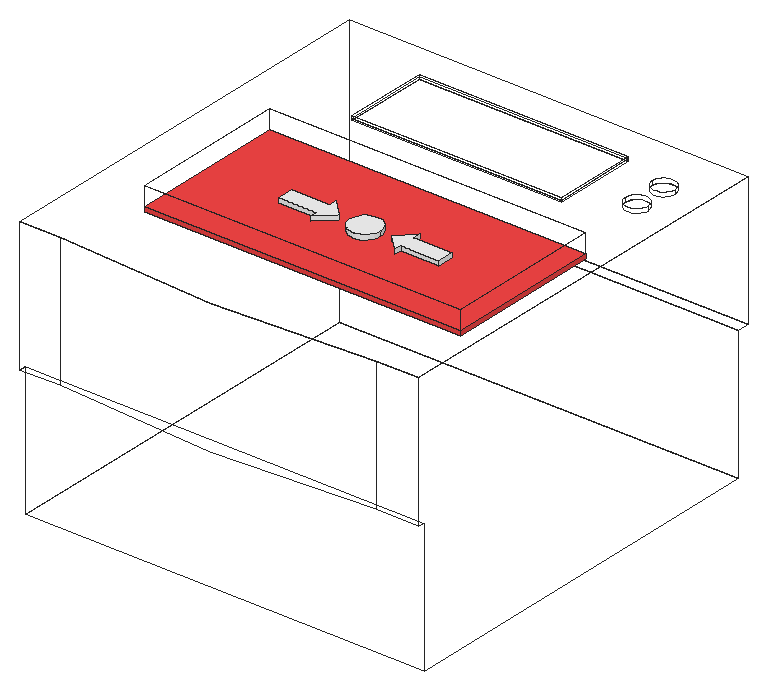
Revit family "Maxlogic söndürmeyi acil durdurma butonu", category Fire Alarm Devices, host Face, Revit 2021
Family settings
  Host = Face
  Maintain Annotation Orientation = Yes
  Round Connector Dimension = Use Diameter
  Part Type = Normal
  OmniClass Number = 23.85.30.21
  OmniClass Title = Environmental Detection/Registration
  Cut with Voids When Loaded = No
  Shared = No
  Room Calculation Point = No
Parameters (values of type "Maxlogic söndürmeyi acil durdurma butonu")
  Weight = "140 gr."
  Weatherproof surface mounting back box = ""
  Warranty Duration Unit = "Year"
  Warranty Duration Parts = "2"
  Warranty Duration Labor = "2"
  Version = ""
  URL = "https://www.mavili.com.tr/"
  Recessed mounting base = ""
  Public Works Pose Number = "833-265"
  Protective Cover = "ML-0710"
  Protection Sign = "IP22D"
  Product Code = "ML-2710.ES"
  Phone Number = "(+)90 216 466 45 05"
  Operatonal Voltage (default) = "24 V/DC"
  Operating voltage range = "10-30 V/DC"
  Operating temperature = "(-10°C) - (+55°C)"
  Nominal Depth = "58 mm"
  Nominal Width = "87 mm"
  Nominal Height = "91 mm"
  Mounting surface = "Duvara montaj"
  Mounting height = "Zeminden 1,4m yukarıda (+/-200mm)"
  Model = "MaxLogic"
  Manufacturer = "Mavili Elektronik Ticaret A.Ş."
  Installation Manual = "https://mavilielektronik.com/Revit/ML2710ES_kk.pdf"
  Indicator output = ""
  Fax Number = "(+)90 216 466 45 10"
  External supply = ""
  Email = "mavili@mavili.com.tr"
  Disclaimer = ""
  Device Adress Setup = ""
  Description = "Söndürmeyi acil durdurma butonu"
  Default Elevation = 0 mm
  Current consumption = ""
  Cost unıt = ""
  Cost = 0
  Compatible sockets = ""
  Color = "Mavi"
  Code Performance = "EN 12094-3"
  Main Material = "Blue Plastic ABS"
  Secondary Material = "Plastic"
  Address line 1 = "Şerifali Mahallesi Kutup Sokak No:27/1-2-4 Ümraniye TR-34775 İSTANBUL"
Reference planes
  plane 1 "Center (Front/Back)": y = 0
  plane 2: z = 0
  plane 3 "Center (Left/Right)": x = 0
Forms (mm)
  Extrusion 1, solid, material "Mavili mavi"
    sketch origin (0, 0, 0) x (1, 0, 0) y (0, 1, 0)
      loop
        line (0, 89.883) -> (0, 0) -> (8.74, 0)
        arc (8.74, 0) -> (43.246, -2.016) -> (77.752, 0) r 296.28
        line (77.752, 0) -> (87.027, 0) -> (87.027, 89.883) -> (0, 89.883)
    from 0 to 58
  Extrusion 2, void
    sketch origin (0, 0, 0) x (0, 1, 0) y (0, 0, 1)
      loop
        line (89.883, 29.005) -> (87.283, 29.005) -> (87.283, -4.106) -> (89.883, -4.106) -> (89.883, 29.005)
    from 0 to 90.479
  Extrusion 3, void
    sketch origin (0, 0, 0) x (0, 1, 0) y (0, 0, 1)
      loop
        line (-3.567, 28.975) -> (-3.567, -2.735) -> (1.471, -2.735) -> (1.471, 28.975) -> (-3.567, 28.975)
    from 0 to 87.027
  Extrusion 4, void
    sketch origin (0, 0, 58) x (0, 1, 0) y (1, 0, 0)
      loop
        line (57.252, 8.74) -> (57.252, 77.752) -> (22.919, 77.752) -> (22.919, 8.74) -> (57.252, 8.74)
    from 0 to 5
  Extrusion 5, solid, material "Render Material 255-0-0"
    sketch origin (0, 0, 53) x (0, 1, 0) y (-1, 0, 0)
      loop
        line (57.252, -8.74) -> (22.919, -8.74) -> (22.919, -77.752) -> (57.252, -77.752) -> (57.252, -8.74)
    from 0 to 1
  Extrusion 6, solid, material "Render Material 255-255-255"
    sketch origin (0, 0, 54) x (1, 0, 0) y (0, 1, 0)
      loop
        circle (43.246, 40.085) r 3.37
    from 0 to 1
  Extrusion 7, solid, material "Render Material 255-255-255"
    sketch origin (0, 0, 54) x (1, 0, 0) y (0, 1, 0)
      loop
        line (49.1, 40.085) -> (52.47, 36.715) -> (52.47, 38.309) -> (60.788, 38.309) -> (60.788, 41.861) -> (52.47, 41.861) -> (52.47, 43.455) -> (49.1, 40.085)
    from 0 to 1
  Extrusion 8, solid, material "Render Material 255-255-255"
    sketch origin (86.492, 0, 54) x (-1, 0, 0) y (0, -1, 0)
      loop
        line (49.1, -40.085) -> (52.47, -43.455) -> (52.47, -41.861) -> (60.788, -41.861) -> (60.788, -38.309) -> (52.47, -38.309) -> (52.47, -36.715) -> (49.1, -40.085)
    from 0 to 1
  Extrusion 9, void
    sketch origin (0, 0, 58) x (0, 1, 0) y (1, 0, 0)
      loop
        circle (78.518, 77.752) r 2.471
    from 0 to 1
  Extrusion 10, void
    sketch origin (0, -7.362, 58) x (0, 1, 0) y (1, 0, 0)
      loop
        circle (78.518, 77.752) r 2.471
    from 0 to 1
  Extrusion 11, void
    sketch origin (0, 0, 58) x (0, 1, 0) y (1, 0, 0)
      loop
        line (82.6, 21.063) -> (82.6, 66.836) -> (64.116, 66.836) -> (64.116, 21.063) -> (82.6, 21.063)
    from 0 to 1
  Extrusion 12, solid, material "Mavili mavi"
    sketch origin (0, 0, 57) x (0, 1, 0) y (-1, 0, 0)
      loop
        line (82.6, -21.063) -> (64.116, -21.063) -> (64.116, -66.836) -> (82.6, -66.836) -> (82.6, -21.063)
    from 0 to 0.5
Cuts and joins
  Extrusion 2, Extrusion 3, Extrusion 4, Extrusion 9, Extrusion 10, Extrusion 11 cuts Extrusion 1
Dimensions and locks
  aligned and locked: plane 2 to host face
  aligned and locked: level to host face
